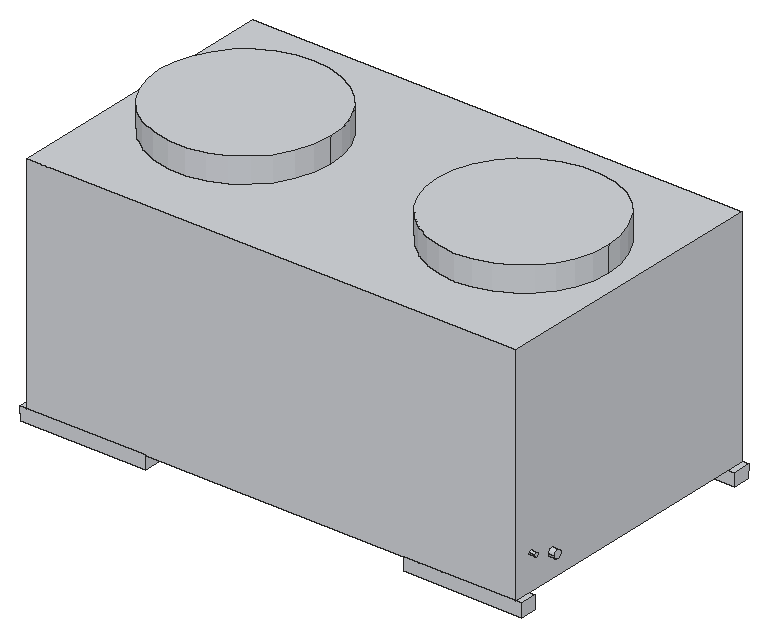
Revit family "M_Unidade de condensação - Resfriado a ar - DX - 44-70 kW", category Equipamento mecânico, Revit 2019
Family settings
  Cota do conector redondo = Usar raio
  Tipo de parte = Normal
  Número OmniClass = 23.75.10.24.21.11.11
  Título OmniClass = Packaged Refrigerant Condensing Coils and Fan Units
  ID de item do Seek = Condensing Unit - Air Cooled - DX - 44-70 kW-0000-CAN-ENU
  Com base no plano de trabalho = Não
  Sempre na vertical = Sim
  Corte com vazios quando carregada = Não
  Compartilhado = Não
  Ponto de cálculo do ambiente = Não
Parameters (values of type "44 kW")
  Voltagem = 460 V
  Largura da unidade = 1092.2 mm
  Material da unidade = none
  Comprimento da unidade = 1886 mm
  Altura da unidade = 916 mm
  Raio da saída = 6 mm
  Diâmetro da saída = Raio da saída * 2  # 12 mm
  Número de pólos = 3
  Carga máxima de operação = 7620 mm
  Classificação de carga = Refrigeração
  Raio da embocadura = 15 mm
  Diâmetro da embocadura = Raio da embocadura * 2  # 30 mm
  Altura 1 = 1012.8 mm
  C2 Deslocamento2 = 171.5 mm
  C2 Deslocamento1 = 144.5 mm
  C1 Deslocamento2 = 69.9 mm
  C1 Deslocamento1 = 187.3 mm
  Carga aparente = 12100 VA
Types (4, lengths in mm): name | Raio da embocadura | Diâmetro da embocadura | C1 Deslocamento1 | Carga aparente
  (no name) | 15 | 30 | 187.3 | 12100 VA
  44 kW | 15 | 30 | 187.3 | 12100 VA
  53 kW | 20 | 40 | 187.3 | 15400 VA
  70 kW | 20 | 40 | 231.8 | 17900 VA
Reference planes
  plane 1 "Centro (Frente/Trás)": y = 0
  plane 2: z = 0
  plane 3 "Centro (Esquerda/Direita)": x = 0
  plane 4: x = 1911.4
  plane 5: z = 916
  plane 6: z = 1012.8
  plane 7: y = 1092.2
  plane 8: y = 63.5
  plane 9: x = 942.975
  plane 10: z = 50.8
  plane 11: x = 431.8
  plane 12: x = 1936.8
  plane 13: x = 1479.6
  plane 14: y = 1028.7
  plane 15: x = 101.6
  plane 16: x = 431.8
  plane 17: x = 1835.2
  plane 18: x = 1505
  plane 19: y = 546.1
  plane 20: y = 69.9
  plane 21: y = 171.5
  plane 22: z = 187.3
  plane 23: z = 144.5
  plane 24: z = 731.837
  plane 25: y = 120.65
  plane 26: x = 25.4
  plane 27: x = 482.6
Forms (mm)
  Extrusion 1, solid, material <- "Material da unidade"
    sketch origin (0, 0, 0) x (1, 0, 0) y (0, 0, 1)
      loop
        line (25.4, 916) -> (25.4, 50.8) -> (1911.4, 50.8) -> (1911.4, 916) -> (25.4, 916)
    from -1092.2 to 0
  Extrusion 2, solid, material <- "Material da unidade"
    sketch origin (0, 0, 0) x (1, 0, 0) y (0, 0, 1)
      loop
        line (0, 50.8) -> (0, 0) -> (482.6, 0) -> (482.6, 50.8) -> (0, 50.8)
    from -63.5 to 0
  Extrusion 3, solid, material <- "Material da unidade"
    sketch origin (1885.95, 0, 0) x (-1, 0, 0) y (0, 0, -1)
      loop
        line (-50.85, -50.8) -> (406.35, -50.8) -> (406.35, 0) -> (-50.85, 0) -> (-50.85, -50.8)
    from -63.5 to 0
  Extrusion 4, solid, material <- "Material da unidade"
    sketch origin (0, 1092.2, 0) x (1, 0, 0) y (0, 0, -1)
      loop
        line (0, -50.8) -> (482.6, -50.8) -> (482.6, 0) -> (0, 0) -> (0, -50.8)
    from -63.5 to 0
  Extrusion 5, solid, material <- "Material da unidade"
    sketch origin (1885.95, 1092.2, 0) x (-1, 0, 0) y (0, 0, 1)
      loop
        line (-50.85, 50.8) -> (-50.85, 0) -> (406.35, 0) -> (406.35, 50.8) -> (-50.85, 50.8)
    from -63.5 to 0
  Extrusion 6, solid, material <- "Material da unidade"
    sketch origin (0, 0, 0) x (1, 0, 0) y (0, 1, 0)
      loop
        circle (431.8, 546.1) r 330.2
    from 916 to 1012.8
  Extrusion 7, solid, material <- "Material da unidade"
    sketch origin (1885.95, 0, 0) x (-1, 0, 0) y (0, -1, 0)
      loop
        circle (380.95, -546.1) r 330.2
    from 916 to 1012.8
  Extrusion 8, solid, material <- "Material da unidade"
    sketch origin (0, 0, 0) x (0, 1, 0) y (0, 0, 1)
      loop
        circle (120.65, 731.837) r 12.7
    from 1835.2 to 1911.4
  Extrusion 9, solid, material <- "Material da unidade"
    sketch origin (0, 0, 0) x (0, 1, 0) y (0, 0, 1)
      loop
        circle (69.9, 187.3) r 6
    from 1911.4 to 1936.8
  Extrusion 10, solid, material <- "Material da unidade"
    sketch origin (0, 0, 0) x (0, 1, 0) y (0, 0, 1)
      loop
        circle (171.5, 144.5) r 15
    from 1911.4 to 1936.8
Cuts and joins
  joined: Extrusion 1, Extrusion 6, Extrusion 7, Extrusion 8, Extrusion 9, Extrusion 10
Dimensions and locks
  "Altura da unidade": plane 5 to plane 2
  "Largura da unidade": plane 1 "Centro (Frente/Trás)" to plane 7
  locked: plane 1 "Centro (Frente/Trás)" to plane 8 at 63.5
  "Altura 1": plane 6 to plane 2
  locked: plane 10 to plane 2 at 50.8
  locked: plane 13 to plane 12 at 457.2
  locked: plane 12 to plane 4 at 25.4
  locked: plane 14 to plane 7 at 63.5
  locked: plane 17 to plane 18 at 330.2
  locked: plane 17 to plane 4 at 76.2
  equal spacing: plane 1 "Centro (Frente/Trás)", plane 19, plane 7
  "C1 Deslocamento2": plane 1 "Centro (Frente/Trás)" to plane 20
  "C2 Deslocamento2": plane 1 "Centro (Frente/Trás)" to plane 21
  "C1 Deslocamento1": plane 22 to plane 2
  "C2 Deslocamento1": plane 23 to plane 2
  locked: plane 24 to plane 2 at 731.837
  locked: plane 1 "Centro (Frente/Trás)" to plane 25 at 120.65
  locked: plane 26 to plane 3 "Centro (Esquerda/Direita)" at 25.4
  locked: plane 27 to plane 26 at 457.2
  "Comprimento da unidade": plane 4 to plane 26
  locked: plane 26 to plane 15 at 76.2
  locked: plane 15 to plane 16 at 330.2
  radius of Extrusion 6 sketch curve = 330.2 mm
  radius of Extrusion 7 sketch curve = 330.2 mm
  radius of Extrusion 8 sketch curve = 12.7 mm
  "Raio da saída": radius of Extrusion 9 sketch curve
  "Raio da embocadura": radius of Extrusion 10 sketch curve
  aligned and locked: Extrusion 1 sketch curve to plane 5
  aligned and locked: Extrusion 1 sketch curve to plane 4
  aligned and locked: Extrusion 1 sketch curve to plane 10
  aligned and locked: Extrusion 3 to plane 2
  aligned and locked: plane 13 to Extrusion 3
  aligned and locked: Extrusion 3 to plane 12
  aligned and locked: Extrusion 3 to plane 10
  aligned and locked: Extrusion 2 to plane 8
  aligned and locked: plane 1 "Centro (Frente/Trás)" to Extrusion 2
  aligned and locked: Extrusion 3 to plane 8
  aligned and locked: plane 1 "Centro (Frente/Trás)" to Extrusion 3
  aligned and locked: plane 1 "Centro (Frente/Trás)" to Extrusion 1
  aligned and locked: Extrusion 1 to plane 7
  aligned and locked: plane 14 to Extrusion 4
  aligned and locked: Extrusion 4 to plane 7
  aligned and locked: Extrusion 5 to plane 7
  aligned and locked: plane 14 to Extrusion 5
  aligned and locked: plane 13 to Extrusion 5
  aligned and locked: Extrusion 5 to plane 12
  aligned and locked: Extrusion 5 to plane 2
  aligned and locked: Extrusion 5 to plane 10
  aligned and locked: plane 19 to Extrusion 6 sketch curve
  aligned and locked: plane 16 to Extrusion 6 sketch curve
  aligned and locked: plane 19 to Extrusion 7 sketch curve
  aligned and locked: plane 18 to Extrusion 7 sketch curve
  aligned and locked: plane 6 to Extrusion 6
  aligned and locked: Extrusion 6 to plane 5
  aligned and locked: Extrusion 7 to plane 6
  aligned and locked: Extrusion 7 to plane 5
  aligned and locked: plane 24 to Extrusion 8 sketch curve
  aligned and locked: plane 25 to Extrusion 8 sketch curve
  aligned and locked: plane 20 to Extrusion 9 sketch curve
  aligned and locked: plane 22 to Extrusion 9 sketch curve
  aligned and locked: plane 23 to Extrusion 10 sketch curve
  aligned and locked: plane 21 to Extrusion 10 sketch curve
  aligned and locked: Extrusion 10 to plane 12
  aligned and locked: Extrusion 9 to plane 12
  aligned and locked: Extrusion 10 to plane 4
  aligned and locked: Extrusion 9 to plane 4
  aligned and locked: plane 4 to Extrusion 8
  aligned and locked: plane 17 to Extrusion 8
  aligned and locked: plane 26 to Extrusion 1 sketch curve
  aligned and locked: plane 3 "Centro (Esquerda/Direita)" to Extrusion 2 sketch curve
  aligned and locked: Extrusion 2 sketch curve to plane 27
  aligned and locked: plane 2 to Extrusion 2 sketch curve
  aligned and locked: Extrusion 2 sketch curve to plane 10
  aligned and locked: plane 3 "Centro (Esquerda/Direita)" to Extrusion 4 sketch curve
  aligned and locked: Extrusion 4 sketch curve to plane 10
  aligned and locked: plane 2 to Extrusion 4 sketch curve
  aligned and locked: Extrusion 4 sketch curve to plane 27
Automatic sketch dimensions
  Extrusion 3 sketch curve to level = 0 mm
  Extrusion 3 sketch curve to plane 12 = 0 mm
  Extrusion 3 sketch curve to plane 13 = 0 mm
  Extrusion 3 sketch curve to plane 10 = 0 mm
  Extrusion 5 sketch curve to level = 0 mm
  Extrusion 5 sketch curve to plane 12 = 0 mm
  Extrusion 5 sketch curve to plane 13 = 0 mm
  Extrusion 5 sketch curve to plane 10 = 0 mm
Connectors
  piping at (1936.8, 69.9, 187.3), diameter 12, driven by "Raio da saída"
    settings: on cut or joined group of Extrusion 1, Extrusion 6, Extrusion 7, Extrusion 8, Extrusion 9, Extrusion 10, index 1, connector inside diameter 12 mm, connector length 0 mm, flow factor 0, pipe flow 0.0 L/s, pressure drop 0.0 Pa, fitting loss kfactor 0, connector angle 0.00°, fixture units 0, engagement length 0 mm, angle of deflection 0.00°, flow configuration 0, flow direction 2, fitting loss method 0, system type 22, joint type 0, gender type 0, connector reference index 2, connector utility 0, adjustable connector no, is connector primary yes, connector description "Saída de material criogênico"
  piping at (1936.8, 171.5, 144.5), diameter 30, driven by "Raio da embocadura"
    settings: on cut or joined group of Extrusion 1, Extrusion 6, Extrusion 7, Extrusion 8, Extrusion 9, Extrusion 10, index 2, connector inside diameter 30 mm, connector length 0 mm, flow factor 0, pipe flow 0.0 L/s, pressure drop 0.0 Pa, fitting loss kfactor 0, connector angle 0.00°, fixture units 0, engagement length 0 mm, angle of deflection 0.00°, flow configuration 0, flow direction 1, fitting loss method 0, system type 22, joint type 0, gender type 0, connector reference index 1, connector utility 0, adjustable connector no, is connector primary no, connector description "Entrada de material criogênico"
  electrical at (1911.4, 120.65, 731.837), driven by "Carga aparente", driven by "Voltagem", driven by "Número de pólos", driven by "Classificação de carga"
    settings: on Extrusion 8, index 3, voltage 460 V, apparent load 12100 VA, apparent load phase1 0 VA, apparent load phase2 0 VA, apparent load phase3 0 VA, power factor 0.8, load classification "Refrigeração", number of poles 3, system type 30, power factor state 1, is connector primary yes, connector utility no, sub classification motor no, connector description ""
